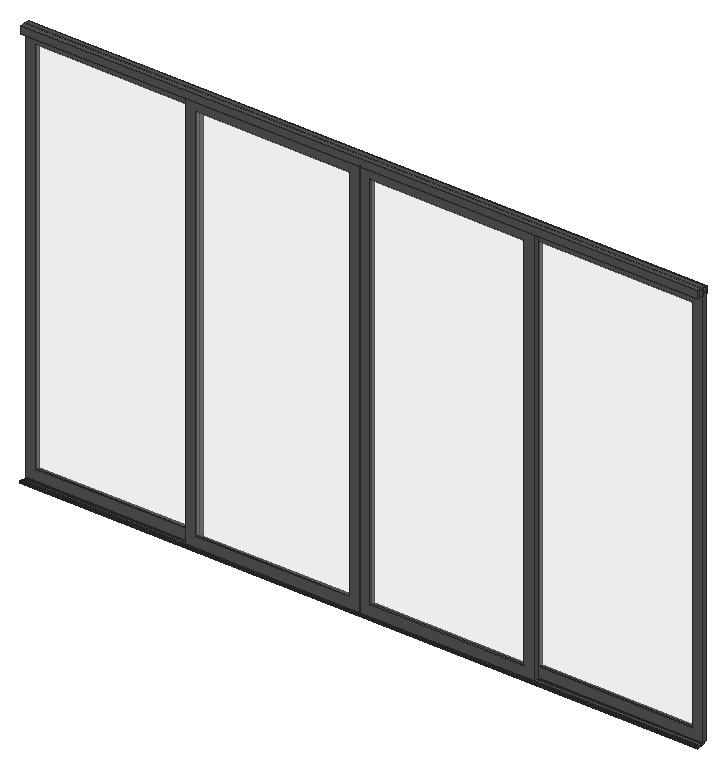
Revit family "Door_FTS RD_The Sliding Door Company_4-Panel Double Track (ABBA-Double Recessed)", category Doors, host Wall, Revit 2019
Family settings
  Host = Wall
  OmniClass Number = 23.30.10.00
  OmniClass Title = Doors
  Always vertical = Yes
  Cut with Voids When Loaded = No
  Shared = No
  Room Calculation Point = No
Parameters (values of type "FTS Room Divider - 4 Panel 2 Track - ABBA")
  Upper Track Material [instance] = TSDC - Casing/Upper Track - Powder Coated Black
  URL = "https://www.slidingdoorco.com"
  Thickness = 1 1/4"  # constant formula
  Stile and Rail = 3"
  Rough Width = Finished Opening Width + 5/8" * 2  # 204 1/4"
  Rough Height = Finished Opening Height + 5/8"  # 120 1/8"
  Panel Width 3" Frame = Width / 4 + 1 1/2"  # 52"
  Panel Width 1 1/2" Frame = Width / 4 + 3/4"  # 51 1/4"
  Panel Height = Height - 2 1/4"  # 119 3/4"
  Order Height = Finished Opening Height + 2 1/8" + 3/8"  # 122"
  Opening Clearance 3" Frame = Width - [Panel Width 3" Frame] * 2  # 98"
  Opening Clearance 1 1/2" Frame = Width - [Panel Width 1 1/2" Frame] * 2  # 99 1/2"
  Open [instance] = no
  Model = "FTS Room Divider - Full Height System"  # constant formula
  Manufacturer = "The Sliding Door Company"  # constant formula
  Limitations = "Panel Width x System Height cannot exceed 7,400 square inches"  # constant formula
  Glass Thickness = "Available in: 5mm Tempered, 7mm,10mm,11mm Laminated Glass"  # constant formula
  Glass Material [instance] = TSDC - Glass - Clear
  Function = Interior
  Height = if(Order Height > 122", 122", Order Height)  # 122"
  Wall Closure = By host
  Width = if(Finished Opening Width > 202", 202", Finished Opening Width)  # 202"
  Fire Rating = "N/A"  # constant formula
  Finished Opening Width = 203"
  Finished Opening Height = 119 1/2"
  Door Casing Material [instance] = TSDC - Casing/Upper Track - Powder Coated Black
  Description = "4 Panel Bi-part System with Double Track (Double Recessed)"  # constant formula
  Contact The Sliding Door Company = "https://www.slidingdoorco.com/contact"
  Construction Type = "Bi-part, Top Mounted, Recessed Upper, Ramped Bottom Track"  # constant formula
  Configuration = "ABBA Configuration"  # constant formula
  Closed [instance] = not(Open)  # yes
  Bottom Track Material [instance] = TSDC - Bottom Track - Powder Coated Black
  Analytic Construction = "<None>"
  3" Frame (No Support Dividers) = "Max. H=122 in., Max. W=202 in. (52 in. panel width)"  # constant formula
  1 1/2" Frame (No Support Dividers) = "Max. H=108 in., Max. W=190 in. (50 in. panel width)"  # constant formula
Reference planes (in)
  plane 1 "Center (Front/Back)": y = 0
  plane 2 "Center (Left/Right)": x = 0
  plane 3 "Top": z = 121.625
  plane 4 "Exterior": y = 3
  plane 5 "Interior": y = -3
  plane 6: x = -101
  plane 7: x = 101
  plane 8: z = 0.625
  plane 9 "2": z = 120
  plane 10 "Top": z = 96
  plane 11 "2": z = 94.375
  plane 12 "3": z = 95.25
  plane 13 "Top": z = 96
  plane 14 "2": z = 94.375
  plane 15 "3": z = 95.25
  plane 16 "Top": z = 80
  plane 17: x = -50
  plane 18: x = 50
  plane 19 "2": z = 78.375
  plane 20 "3": z = 79.25
  plane 21: x = -50.5
  plane 22: x = 50.5
  plane 23: x = -36.75
  plane 24: x = -38.25
  plane 25: x = 38.25
  plane 26: x = 36
  plane 27: z = 119.5
  plane 28: z = -0.375
  plane 29: z = 0.25
Forms (in)
  Extrusion 1, solid, material "TSDC - Casing/Upper Track - Powder Coated Black" <- "Upper Track Material"
    sketch origin (0, -0.1543, 0) x (0, 1, 0) y (0, 0, 1)
      loop
        line (1.74219, 121.625) -> (-1.43359, 121.625) -> (-1.43359, 119.5) -> (-1.375, 119.5) -> (-1.375, 121.56641) -> (0.125, 121.56641) -> (0.125, 119.5) -> (0.18359, 119.5) -> (0.18359, 121.56641) -> (1.68359, 121.56641) -> (1.68359, 119.5) -> (1.74219, 119.5) -> (1.74219, 121.625)
    from -101 to 101
  Extrusion 2, solid, material "TSDC - Casing/Upper Track - Powder Coated Black", not visible
    sketch origin (0, 0.8784, 0.00198) x (0, 1, 0) y (0, 0, 1)
      loop
        line (1.17662, -0.00198) -> (1.7466, -0.00198) -> (1.7466, 0.11422) -> (1.63872, 0.16601) -> (1.5898, 0.16) -> (1.58595, 0.19134) -> (1.49638, 0.23434) -> (1.44746, 0.22833) -> (1.44362, 0.25967) -> (1.35493, 0.30224) -> (1.30601, 0.29623) -> (1.30216, 0.32757) -> (1.21825, 0.36785)
        arc (1.21825, 0.36785) -> (1.19583, 0.37043) -> (1.17662, 0.35859) r 0.03449
        line (1.17662, 0.35859) -> (1.17662, 0.26961) -> (1.14379, 0.26961) -> (1.14379, 0.30227) -> (1.11271, 0.30227) -> (1.11271, 0.05752) -> (1.14379, 0.05752) -> (1.14379, 0.08934) -> (1.17662, 0.08934) -> (1.17662, -0.00198)
      loop
        line (1.6966, 0.05) -> (1.6966, 0.08276) -> (1.2346, 0.30454) -> (1.2346, 0.05) -> (1.6966, 0.05)
    from -50 to 50
  Extrusion 3, solid, material "TSDC - Casing/Upper Track - Powder Coated Black", not visible
    sketch origin (0, 0.8784, 0.00198) x (0, 1, 0) y (0, 0, 1)
      loop
        arc (1.17662, 0.34104) -> (1.17081, 0.35508) -> (1.15677, 0.36093) r 0.01985
        line (1.15677, 0.36093) -> (1.07541, 0.36093)
        arc (1.07541, 0.36093) -> (1.06136, 0.3551) -> (1.05556, 0.34103) r 0.01985
        line (1.05556, 0.34103) -> (1.05556, 0.20299) -> (0.9831, 0.20299) -> (0.9831, 0.28602)
        arc (0.9831, 0.28602) -> (0.87384, 0.39506) -> (0.76472, 0.28588) r 0.10919
        line (0.76472, 0.28588) -> (0.82428, 0.28588)
        arc (0.82428, 0.28588) -> (0.87397, 0.3355) -> (0.92354, 0.28575) r 0.04963
        line (0.92354, 0.28575) -> (0.92354, 0.14753) -> (1.05556, 0.10767) -> (1.05556, 0.05757) -> (0.38753, 0.05757) -> (0.38753, 0.36093) -> (-0.56932, 0.36093) -> (-0.56932, 0.20299) -> (-0.64178, 0.20299) -> (-0.64178, 0.28602)
        arc (-0.64178, 0.28602) -> (-0.75104, 0.39506) -> (-0.86016, 0.28588) r 0.10919
        line (-0.86016, 0.28588) -> (-0.8006, 0.28588)
        arc (-0.8006, 0.28588) -> (-0.75091, 0.3355) -> (-0.70134, 0.28575) r 0.04963
        line (-0.70134, 0.28575) -> (-0.70134, 0.14753) -> (-0.56932, 0.10767) -> (-0.56932, 0.05757) -> (-1.23735, 0.05757) -> (-1.23735, 0.36093) -> (-2.19421, 0.36093) -> (-2.19421, 0.20299) -> (-2.26667, 0.20299) -> (-2.26667, 0.28602)
        arc (-2.26667, 0.28602) -> (-2.37592, 0.39506) -> (-2.48504, 0.28588) r 0.10919
        line (-2.48504, 0.28588) -> (-2.42548, 0.28588)
        arc (-2.42548, 0.28588) -> (-2.37579, 0.3355) -> (-2.32622, 0.28575) r 0.04963
        line (-2.32622, 0.28575) -> (-2.32622, 0.14753) -> (-2.19421, 0.10767) -> (-2.19421, 0.05757) -> (-2.86223, 0.05757) -> (-2.86223, 0.34103)
        arc (-2.86223, 0.34103) -> (-2.86803, 0.3551) -> (-2.88208, 0.36093) r 0.01985
        line (-2.88208, 0.36093) -> (-2.96344, 0.36093)
        arc (-2.96344, 0.36093) -> (-2.97751, 0.35509) -> (-2.9833, 0.341) r 0.01985
        line (-2.9833, 0.341) -> (-2.9833, 0.26961) -> (-2.95059, 0.26961) -> (-2.95059, 0.30227) -> (-2.91939, 0.30227) -> (-2.91939, 0.05752) -> (-2.95046, 0.05752) -> (-2.95046, 0.08934) -> (-2.9833, 0.08934) -> (-2.9833, -0.00198) -> (-2.13705, -0.00198) -> (-2.10598, 0.05752) -> (-2.13705, 0.05752) -> (-2.13705, 0.30227) -> (-1.29451, 0.30227) -> (-1.29451, 0.05752) -> (-1.32558, 0.05752) -> (-1.29451, -0.00198) -> (-0.51217, -0.00198) -> (-0.4811, 0.05752) -> (-0.51217, 0.05752) -> (-0.51217, 0.30227) -> (0.33038, 0.30227) -> (0.33038, 0.05752) -> (0.2993, 0.05752) -> (0.33038, -0.00198) -> (1.17662, -0.00198) -> (1.17662, 0.08934) -> (1.14379, 0.08934) -> (1.14379, 0.05752) -> (1.11271, 0.05752) -> (1.11271, 0.30227) -> (1.14379, 0.30227) -> (1.14379, 0.26961) -> (1.17662, 0.26961) -> (1.17662, 0.34104)
    from -50 to 50
  Extrusion 4, solid, material "TSDC - Casing/Upper Track - Powder Coated Black", not visible
    sketch origin (0, -0.92827, 0.00198) x (0, -1, 0) y (0, 0, -1)
      loop
        line (1.17662, 0.00198) -> (1.17662, -0.08934) -> (1.14379, -0.08934) -> (1.14379, -0.05752) -> (1.11271, -0.05752) -> (1.11271, -0.30227) -> (1.14379, -0.30227) -> (1.14379, -0.26961) -> (1.17662, -0.26961) -> (1.17662, -0.35859)
        arc (1.17662, -0.35859) -> (1.19583, -0.37043) -> (1.21825, -0.36785) r 0.03449
        line (1.21825, -0.36785) -> (1.30216, -0.32757) -> (1.30601, -0.29623) -> (1.35493, -0.30224) -> (1.44362, -0.25967) -> (1.44746, -0.22833) -> (1.49638, -0.23434) -> (1.58595, -0.19134) -> (1.5898, -0.16) -> (1.63872, -0.16601) -> (1.7466, -0.11422) -> (1.7466, 0.00198) -> (1.17662, 0.00198)
      loop
        line (1.6966, -0.05) -> (1.2346, -0.05) -> (1.2346, -0.30454) -> (1.6966, -0.08276) -> (1.6966, -0.05)
    from -50 to 50
  Extrusion 5, solid, material "TSDC - Casing/Upper Track - Powder Coated Black", not visible
    sketch origin (0, 1.25781, 0) x (0, 1, 0) y (0, 0, 1)
      loop
        line (1.74219, 96) -> (-2.99219, 96) -> (-2.99219, 93.875) -> (-2.93359, 93.875) -> (-2.93359, 95.94141) -> (-1.43359, 95.94141) -> (-1.43359, 93.875) -> (-1.375, 93.875) -> (-1.375, 95.94141) -> (0.125, 95.94141) -> (0.125, 93.875) -> (0.18359, 93.875) -> (0.18359, 95.94141) -> (1.68359, 95.94141) -> (1.68359, 93.875) -> (1.74219, 93.875) -> (1.74219, 96)
    from -50 to 50
  Extrusion 6, solid, material "TSDC - Casing/Upper Track - Powder Coated Black", visible <- "Open", not visible
    sketch origin (-18.0008, 2.81641, 0) x (1, 0, 0) y (0, 0, 1)
      loop
        line (2.33413, 94.375) -> (-31.9992, 94.375) -> (-31.9992, 0.625) -> (2.33413, 0.625) -> (2.33413, 94.375)
      loop
        line (0.83413, 92.875) -> (-30.4992, 92.875) -> (-30.4992, 2.125) -> (0.83413, 2.125) -> (0.83413, 92.875)
    from 0 to 1.25
  Extrusion 7, solid, material "TSDC - Glass - Clear", visible <- "Open", not visible
    sketch origin (-18.0008, 2.31641, 0) x (1, 0, 0) y (0, 0, 1)
      loop
        line (0.83413, 92.875) -> (-30.4992, 92.875) -> (-30.4992, 2.125) -> (0.83413, 2.125) -> (0.83413, 92.875)
    from 0 to 0.25
  Extrusion 8, solid, material "TSDC - Casing/Upper Track - Powder Coated Black", visible <- "Open", not visible
    sketch origin (-44.66746, 1.25781, 0) x (1, 0, 0) y (0, 0, 1)
      loop
        line (29.0008, 94.375) -> (-5.33254, 94.375) -> (-5.33254, 0.625) -> (29.0008, 0.625) -> (29.0008, 94.375)
      loop
        line (27.5008, 92.875) -> (-3.83254, 92.875) -> (-3.83254, 2.125) -> (27.5008, 2.125) -> (27.5008, 92.875)
    from 0 to 1.25
  Extrusion 9, solid, material "TSDC - Glass - Clear", visible <- "Open", not visible
    sketch origin (-44.66746, 0.75781, 0) x (1, 0, 0) y (0, 0, 1)
      loop
        line (27.5008, 92.875) -> (-3.83254, 92.875) -> (-3.83254, 2.125) -> (27.5008, 2.125) -> (27.5008, 92.875)
    from 0 to 0.25
  Extrusion 10, solid, material "TSDC - Casing/Upper Track - Powder Coated Black", visible <- "Open", not visible
    sketch origin (-71.33413, -0.30078, 0) x (1, 0, 0) y (0, 0, 1)
      loop
        line (55.66746, 94.375) -> (21.33413, 94.375) -> (21.33413, 0.625) -> (55.66746, 0.625) -> (55.66746, 94.375)
      loop
        line (54.16746, 92.875) -> (22.83413, 92.875) -> (22.83413, 2.125) -> (54.16746, 2.125) -> (54.16746, 92.875)
    from 0 to 1.25
  Extrusion 11, solid, material "TSDC - Glass - Clear", visible <- "Open", not visible
    sketch origin (-71.33413, -0.80078, 0) x (1, 0, 0) y (0, 0, 1)
      loop
        line (54.16746, 92.875) -> (22.83413, 92.875) -> (22.83413, 2.125) -> (54.16746, 2.125) -> (54.16746, 92.875)
    from 0 to 0.25
  Extrusion 12, solid, material "TSDC - Casing/Upper Track - Powder Coated Black", visible <- "Closed", not visible
    sketch origin (-11.83413, 1.25781, 0) x (1, 0, 0) y (0, 0, 1)
      loop
        line (29.0008, 94.375) -> (-5.33254, 94.375) -> (-5.33254, 0.625) -> (29.0008, 0.625) -> (29.0008, 94.375)
      loop
        line (27.5008, 92.875) -> (-3.83254, 92.875) -> (-3.83254, 2.125) -> (27.5008, 2.125) -> (27.5008, 92.875)
    from 0 to 1.25
  Extrusion 13, solid, material "TSDC - Glass - Clear", visible <- "Closed", not visible
    sketch origin (-11.83413, 0.75781, 0) x (1, 0, 0) y (0, 0, 1)
      loop
        line (27.5008, 92.875) -> (-3.83254, 92.875) -> (-3.83254, 2.125) -> (27.5008, 2.125) -> (27.5008, 92.875)
    from 0 to 0.25
  Extrusion 14, solid, material "TSDC - Casing/Upper Track - Powder Coated Black", visible <- "Closed", not visible
    sketch origin (47.66587, 2.81641, 0) x (1, 0, 0) y (0, 0, 1)
      loop
        line (2.33413, 94.375) -> (-31.9992, 94.375) -> (-31.9992, 0.625) -> (2.33413, 0.625) -> (2.33413, 94.375)
      loop
        line (0.83413, 92.875) -> (-30.4992, 92.875) -> (-30.4992, 2.125) -> (0.83413, 2.125) -> (0.83413, 92.875)
    from 0 to 1.25
  Extrusion 15, solid, material "TSDC - Glass - Clear", visible <- "Closed", not visible
    sketch origin (47.66587, 2.31641, 0) x (1, 0, 0) y (0, 0, 1)
      loop
        line (0.83413, 92.875) -> (-30.4992, 92.875) -> (-30.4992, 2.125) -> (0.83413, 2.125) -> (0.83413, 92.875)
    from 0 to 0.25
  Extrusion 16, solid, material "TSDC - Casing/Upper Track - Powder Coated Black", visible <- "Closed", not visible
    sketch origin (-71.33413, -0.30078, 0) x (1, 0, 0) y (0, 0, 1)
      loop
        line (55.66746, 94.375) -> (21.33413, 94.375) -> (21.33413, 0.625) -> (55.66746, 0.625) -> (55.66746, 94.375)
      loop
        line (54.16746, 92.875) -> (22.83413, 92.875) -> (22.83413, 2.125) -> (54.16746, 2.125) -> (54.16746, 92.875)
    from 0 to 1.25
  Extrusion 17, solid, material "TSDC - Glass - Clear", visible <- "Closed", not visible
    sketch origin (-71.33413, -0.80078, 0) x (1, 0, 0) y (0, 0, 1)
      loop
        line (54.16746, 92.875) -> (22.83413, 92.875) -> (22.83413, 2.125) -> (54.16746, 2.125) -> (54.16746, 92.875)
    from 0 to 0.25
  Extrusion 18, solid, material "TSDC - Casing/Upper Track - Powder Coated Black", not visible
    sketch origin (0, 1.25781, 0) x (0, 1, 0) y (0, 0, 1)
      loop
        line (1.74219, 96) -> (-2.99219, 96) -> (-2.99219, 93.875) -> (-2.93359, 93.875) -> (-2.93359, 95.94141) -> (-1.43359, 95.94141) -> (-1.43359, 93.875) -> (-1.375, 93.875) -> (-1.375, 95.94141) -> (0.125, 95.94141) -> (0.125, 93.875) -> (0.18359, 93.875) -> (0.18359, 95.94141) -> (1.68359, 95.94141) -> (1.68359, 93.875) -> (1.74219, 93.875) -> (1.74219, 96)
    from -50 to 50
  Extrusion 19, solid, material "TSDC - Casing/Upper Track - Powder Coated Black", not visible
    sketch origin (0, 1.25781, 0) x (0, 1, 0) y (0, 0, 1)
      loop
        line (1.74219, 96) -> (-2.99219, 96) -> (-2.99219, 93.875) -> (-2.93359, 93.875) -> (-2.93359, 95.94141) -> (-1.43359, 95.94141) -> (-1.43359, 93.875) -> (-1.375, 93.875) -> (-1.375, 95.94141) -> (0.125, 95.94141) -> (0.125, 93.875) -> (0.18359, 93.875) -> (0.18359, 95.94141) -> (1.68359, 95.94141) -> (1.68359, 93.875) -> (1.74219, 93.875) -> (1.74219, 96)
    from -50 to 50
  Extrusion 20, solid, material "TSDC - Casing/Upper Track - Powder Coated Black", not visible
    sketch origin (0, 1.25781, 0) x (0, 1, 0) y (0, 0, 1)
      loop
        line (1.74219, 96) -> (-2.99219, 96) -> (-2.99219, 93.875) -> (-2.93359, 93.875) -> (-2.93359, 95.94141) -> (-1.43359, 95.94141) -> (-1.43359, 93.875) -> (-1.375, 93.875) -> (-1.375, 95.94141) -> (0.125, 95.94141) -> (0.125, 93.875) -> (0.18359, 93.875) -> (0.18359, 95.94141) -> (1.68359, 95.94141) -> (1.68359, 93.875) -> (1.74219, 93.875) -> (1.74219, 96)
    from -50 to 50
  Extrusion 21, solid, material "TSDC - Casing/Upper Track - Powder Coated Black", not visible
    sketch origin (0, 0.8784, 0.00198) x (0, 1, 0) y (0, 0, 1)
      loop
        line (1.17662, -0.00198) -> (1.7466, -0.00198) -> (1.7466, 0.11422) -> (1.63872, 0.16601) -> (1.5898, 0.16) -> (1.58595, 0.19134) -> (1.49638, 0.23434) -> (1.44746, 0.22833) -> (1.44362, 0.25967) -> (1.35493, 0.30224) -> (1.30601, 0.29623) -> (1.30216, 0.32757) -> (1.21825, 0.36785)
        arc (1.21825, 0.36785) -> (1.19583, 0.37043) -> (1.17662, 0.35859) r 0.03449
        line (1.17662, 0.35859) -> (1.17662, 0.26961) -> (1.14379, 0.26961) -> (1.14379, 0.30227) -> (1.11271, 0.30227) -> (1.11271, 0.05752) -> (1.14379, 0.05752) -> (1.14379, 0.08934) -> (1.17662, 0.08934) -> (1.17662, -0.00198)
      loop
        line (1.6966, 0.05) -> (1.6966, 0.08276) -> (1.2346, 0.30454) -> (1.2346, 0.05) -> (1.6966, 0.05)
    from -50 to 50
  Extrusion 22, solid, material "TSDC - Casing/Upper Track - Powder Coated Black", not visible
    sketch origin (0, 0.8784, 0.00198) x (0, 1, 0) y (0, 0, 1)
      loop
        arc (1.17662, 0.34104) -> (1.17081, 0.35508) -> (1.15677, 0.36093) r 0.01985
        line (1.15677, 0.36093) -> (1.07541, 0.36093)
        arc (1.07541, 0.36093) -> (1.06136, 0.3551) -> (1.05556, 0.34103) r 0.01985
        line (1.05556, 0.34103) -> (1.05556, 0.20299) -> (0.9831, 0.20299) -> (0.9831, 0.28602)
        arc (0.9831, 0.28602) -> (0.87384, 0.39506) -> (0.76472, 0.28588) r 0.10919
        line (0.76472, 0.28588) -> (0.82428, 0.28588)
        arc (0.82428, 0.28588) -> (0.87397, 0.3355) -> (0.92354, 0.28575) r 0.04963
        line (0.92354, 0.28575) -> (0.92354, 0.14753) -> (1.05556, 0.10767) -> (1.05556, 0.05757) -> (0.38753, 0.05757) -> (0.38753, 0.36093) -> (-0.56932, 0.36093) -> (-0.56932, 0.20299) -> (-0.64178, 0.20299) -> (-0.64178, 0.28602)
        arc (-0.64178, 0.28602) -> (-0.75104, 0.39506) -> (-0.86016, 0.28588) r 0.10919
        line (-0.86016, 0.28588) -> (-0.8006, 0.28588)
        arc (-0.8006, 0.28588) -> (-0.75091, 0.3355) -> (-0.70134, 0.28575) r 0.04963
        line (-0.70134, 0.28575) -> (-0.70134, 0.14753) -> (-0.56932, 0.10767) -> (-0.56932, 0.05757) -> (-1.23735, 0.05757) -> (-1.23735, 0.36093) -> (-2.19421, 0.36093) -> (-2.19421, 0.20299) -> (-2.26667, 0.20299) -> (-2.26667, 0.28602)
        arc (-2.26667, 0.28602) -> (-2.37592, 0.39506) -> (-2.48504, 0.28588) r 0.10919
        line (-2.48504, 0.28588) -> (-2.42548, 0.28588)
        arc (-2.42548, 0.28588) -> (-2.37579, 0.3355) -> (-2.32622, 0.28575) r 0.04963
        line (-2.32622, 0.28575) -> (-2.32622, 0.14753) -> (-2.19421, 0.10767) -> (-2.19421, 0.05757) -> (-2.86223, 0.05757) -> (-2.86223, 0.34103)
        arc (-2.86223, 0.34103) -> (-2.86803, 0.3551) -> (-2.88208, 0.36093) r 0.01985
        line (-2.88208, 0.36093) -> (-2.96344, 0.36093)
        arc (-2.96344, 0.36093) -> (-2.97751, 0.35509) -> (-2.9833, 0.341) r 0.01985
        line (-2.9833, 0.341) -> (-2.9833, 0.26961) -> (-2.95059, 0.26961) -> (-2.95059, 0.30227) -> (-2.91939, 0.30227) -> (-2.91939, 0.05752) -> (-2.95046, 0.05752) -> (-2.95046, 0.08934) -> (-2.9833, 0.08934) -> (-2.9833, -0.00198) -> (-2.13705, -0.00198) -> (-2.10598, 0.05752) -> (-2.13705, 0.05752) -> (-2.13705, 0.30227) -> (-1.29451, 0.30227) -> (-1.29451, 0.05752) -> (-1.32558, 0.05752) -> (-1.29451, -0.00198) -> (-0.51217, -0.00198) -> (-0.4811, 0.05752) -> (-0.51217, 0.05752) -> (-0.51217, 0.30227) -> (0.33038, 0.30227) -> (0.33038, 0.05752) -> (0.2993, 0.05752) -> (0.33038, -0.00198) -> (1.17662, -0.00198) -> (1.17662, 0.08934) -> (1.14379, 0.08934) -> (1.14379, 0.05752) -> (1.11271, 0.05752) -> (1.11271, 0.30227) -> (1.14379, 0.30227) -> (1.14379, 0.26961) -> (1.17662, 0.26961) -> (1.17662, 0.34104)
    from -50 to 50
  Extrusion 23, solid, material "TSDC - Casing/Upper Track - Powder Coated Black", not visible
    sketch origin (0, -0.92827, 0.00198) x (0, -1, 0) y (0, 0, -1)
      loop
        line (1.17662, 0.00198) -> (1.17662, -0.08934) -> (1.14379, -0.08934) -> (1.14379, -0.05752) -> (1.11271, -0.05752) -> (1.11271, -0.30227) -> (1.14379, -0.30227) -> (1.14379, -0.26961) -> (1.17662, -0.26961) -> (1.17662, -0.35859)
        arc (1.17662, -0.35859) -> (1.19583, -0.37043) -> (1.21825, -0.36785) r 0.03449
        line (1.21825, -0.36785) -> (1.30216, -0.32757) -> (1.30601, -0.29623) -> (1.35493, -0.30224) -> (1.44362, -0.25967) -> (1.44746, -0.22833) -> (1.49638, -0.23434) -> (1.58595, -0.19134) -> (1.5898, -0.16) -> (1.63872, -0.16601) -> (1.7466, -0.11422) -> (1.7466, 0.00198) -> (1.17662, 0.00198)
      loop
        line (1.6966, -0.05) -> (1.2346, -0.05) -> (1.2346, -0.30454) -> (1.6966, -0.08276) -> (1.6966, -0.05)
    from -50 to 50
  Extrusion 24, solid, material "TSDC - Casing/Upper Track - Powder Coated Black", not visible
    sketch origin (0, 1.25781, -16) x (0, 1, 0) y (0, 0, 1)
      loop
        line (1.74219, 96) -> (-2.99219, 96) -> (-2.99219, 93.875) -> (-2.93359, 93.875) -> (-2.93359, 95.94141) -> (-1.43359, 95.94141) -> (-1.43359, 93.875) -> (-1.375, 93.875) -> (-1.375, 95.94141) -> (0.125, 95.94141) -> (0.125, 93.875) -> (0.18359, 93.875) -> (0.18359, 95.94141) -> (1.68359, 95.94141) -> (1.68359, 93.875) -> (1.74219, 93.875) -> (1.74219, 96)
    from -50 to 50
  Extrusion 25, solid, material "TSDC - Casing/Upper Track - Powder Coated Black" <- "Door Casing Material", visible <- "Closed"
    sketch origin (-47.66587, -0.1543, 0) x (-1, 0, 0) y (0, 0, -1)
      loop
        line (4.33413, -120) -> (4.33413, -0.25) -> (-47.66587, -0.25) -> (-47.66587, -120) -> (4.33413, -120)
      loop
        line (1.33413, -117) -> (1.33413, -3.25) -> (-44.66587, -3.25) -> (-44.66587, -117) -> (1.33413, -117)
    from 0 to 1.25
  Extrusion 26, solid, material "TSDC - Glass - Clear" <- "Glass Material", visible <- "Closed"
    sketch origin (-47.66587, -0.6543, 0) x (-1, 0, 0) y (0, 0, -1)
      loop
        line (1.33413, -117) -> (1.33413, -3.25) -> (-44.66587, -3.25) -> (-44.66587, -117) -> (1.33413, -117)
    from 0 to 0.25
  Extrusion 27, solid, material "TSDC - Casing/Upper Track - Powder Coated Black" <- "Door Casing Material", visible <- "Closed"
    sketch origin (-83.66587, 1.4043, 0) x (-1, 0, 0) y (0, 0, -1)
      loop
        line (17.33413, -120) -> (17.33413, -0.25) -> (-34.66587, -0.25) -> (-34.66587, -120) -> (17.33413, -120)
      loop
        line (14.33413, -117) -> (14.33413, -3.25) -> (-31.66587, -3.25) -> (-31.66587, -117) -> (14.33413, -117)
    from 0 to 1.25
  Extrusion 28, solid, material "TSDC - Glass - Clear" <- "Glass Material", visible <- "Closed"
    sketch origin (-83.66587, 0.9043, 0) x (-1, 0, 0) y (0, 0, -1)
      loop
        line (14.33413, -117) -> (14.33413, -3.25) -> (-31.66587, -3.25) -> (-31.66587, -117) -> (14.33413, -117)
    from 0 to 0.25
  Extrusion 29, solid, material "TSDC - Casing/Upper Track - Powder Coated Black" <- "Door Casing Material", visible <- "Closed"
    sketch origin (47.66587, -0.1543, 0) x (1, 0, 0) y (0, 0, 1)
      loop
        line (4.33413, 120) -> (-47.66587, 120) -> (-47.66587, 0.25) -> (4.33413, 0.25) -> (4.33413, 120)
      loop
        line (1.33413, 117) -> (-44.66587, 117) -> (-44.66587, 3.25) -> (1.33413, 3.25) -> (1.33413, 117)
    from 0 to 1.25
  Extrusion 30, solid, material "TSDC - Glass - Clear" <- "Glass Material", visible <- "Closed"
    sketch origin (47.66587, -0.6543, 0) x (1, 0, 0) y (0, 0, 1)
      loop
        line (1.33413, 117) -> (-44.66587, 117) -> (-44.66587, 3.25) -> (1.33413, 3.25) -> (1.33413, 117)
    from 0 to 0.25
  Extrusion 31, solid, material "TSDC - Casing/Upper Track - Powder Coated Black" <- "Door Casing Material", visible <- "Closed"
    sketch origin (83.66587, 1.4043, 0) x (1, 0, 0) y (0, 0, 1)
      loop
        line (17.33413, 120) -> (-34.66587, 120) -> (-34.66587, 0.25) -> (17.33413, 0.25) -> (17.33413, 120)
      loop
        line (14.33413, 117) -> (-31.66587, 117) -> (-31.66587, 3.25) -> (14.33413, 3.25) -> (14.33413, 117)
    from 0 to 1.25
  Extrusion 32, solid, material "TSDC - Glass - Clear" <- "Glass Material", visible <- "Closed"
    sketch origin (83.66587, 0.9043, 0) x (1, 0, 0) y (0, 0, 1)
      loop
        line (14.33413, 117) -> (-31.66587, 117) -> (-31.66587, 3.25) -> (14.33413, 3.25) -> (14.33413, 117)
    from 0 to 0.25
  Extrusion 33, solid, material "TSDC - Casing/Upper Track - Powder Coated Black" <- "Door Casing Material", visible <- "Open"
    sketch origin (-83.66587, 1.4043, 0) x (-1, 0, 0) y (0, 0, -1)
      loop
        line (17.33413, -120) -> (17.33413, -0.25) -> (-34.66587, -0.25) -> (-34.66587, -120) -> (17.33413, -120)
      loop
        line (14.33413, -117) -> (14.33413, -3.25) -> (-31.66587, -3.25) -> (-31.66587, -117) -> (14.33413, -117)
    from 0 to 1.25
  Extrusion 34, solid, material "TSDC - Glass - Clear" <- "Glass Material", visible <- "Open"
    sketch origin (-83.66587, 0.9043, 0) x (-1, 0, 0) y (0, 0, -1)
      loop
        line (14.33413, -117) -> (14.33413, -3.25) -> (-31.66587, -3.25) -> (-31.66587, -117) -> (14.33413, -117)
    from 0 to 0.25
  Extrusion 35, solid, material "TSDC - Casing/Upper Track - Powder Coated Black" <- "Door Casing Material", visible <- "Open"
    sketch origin (-83.66587, -0.1543, 0) x (-1, 0, 0) y (0, 0, -1)
      loop
        line (17.33413, -120) -> (17.33413, -0.25) -> (-34.66587, -0.25) -> (-34.66587, -120) -> (17.33413, -120)
      loop
        line (14.33413, -117) -> (14.33413, -3.25) -> (-31.66587, -3.25) -> (-31.66587, -117) -> (14.33413, -117)
    from 0 to 1.25
  Extrusion 36, solid, material "TSDC - Glass - Clear" <- "Glass Material", visible <- "Open"
    sketch origin (-83.66587, -0.6543, 0) x (-1, 0, 0) y (0, 0, -1)
      loop
        line (14.33413, -117) -> (14.33413, -3.25) -> (-31.66587, -3.25) -> (-31.66587, -117) -> (14.33413, -117)
    from 0 to 0.25
  Extrusion 37, solid, material "TSDC - Casing/Upper Track - Powder Coated Black" <- "Door Casing Material", visible <- "Open"
    sketch origin (83.66587, -0.1543, 0) x (1, 0, 0) y (0, 0, 1)
      loop
        line (17.33413, 120) -> (-34.66587, 120) -> (-34.66587, 0.25) -> (17.33413, 0.25) -> (17.33413, 120)
      loop
        line (14.33413, 117) -> (-31.66587, 117) -> (-31.66587, 3.25) -> (14.33413, 3.25) -> (14.33413, 117)
    from 0 to 1.25
  Extrusion 38, solid, material "TSDC - Glass - Clear" <- "Glass Material", visible <- "Open"
    sketch origin (83.66587, -0.6543, 0) x (1, 0, 0) y (0, 0, 1)
      loop
        line (14.33413, 117) -> (-31.66587, 117) -> (-31.66587, 3.25) -> (14.33413, 3.25) -> (14.33413, 117)
    from 0 to 0.25
  Extrusion 39, solid, material "TSDC - Casing/Upper Track - Powder Coated Black" <- "Door Casing Material", visible <- "Open"
    sketch origin (83.66587, 1.4043, 0) x (1, 0, 0) y (0, 0, 1)
      loop
        line (17.33413, 120) -> (-34.66587, 120) -> (-34.66587, 0.25) -> (17.33413, 0.25) -> (17.33413, 120)
      loop
        line (14.33413, 117) -> (-31.66587, 117) -> (-31.66587, 3.25) -> (14.33413, 3.25) -> (14.33413, 117)
    from 0 to 1.25
  Extrusion 40, solid, material "TSDC - Glass - Clear" <- "Glass Material", visible <- "Open"
    sketch origin (83.66587, 0.9043, 0) x (1, 0, 0) y (0, 0, 1)
      loop
        line (14.33413, 117) -> (-31.66587, 117) -> (-31.66587, 3.25) -> (14.33413, 3.25) -> (14.33413, 117)
    from 0 to 0.25
  Extrusion 41, solid, material "TSDC - Bottom Track - Powder Coated Black" <- "Bottom Track Material"
    sketch origin (0, 2.46629, -0.37302) x (0, 1, 0) y (0, 0, 1)
      loop
        line (-1.82338, 0.26961) -> (-1.82338, 0.34104)
        arc (-1.82338, 0.34104) -> (-1.82919, 0.35508) -> (-1.84323, 0.36089) r 0.01985
        line (-1.84323, 0.36089) -> (-1.92459, 0.36093)
        arc (-1.92459, 0.36093) -> (-1.93864, 0.3551) -> (-1.94444, 0.34103) r 0.01985
        line (-1.94444, 0.34103) -> (-1.94444, 0.20299) -> (-2.0169, 0.20299) -> (-2.0169, 0.28602)
        arc (-2.0169, 0.28602) -> (-2.12616, 0.39506) -> (-2.23528, 0.28588) r 0.10919
        line (-2.23528, 0.28588) -> (-2.17572, 0.28588)
        arc (-2.17572, 0.28588) -> (-2.12603, 0.3355) -> (-2.07646, 0.28575) r 0.04963
        line (-2.07646, 0.28575) -> (-2.07646, 0.14753) -> (-1.94444, 0.10767) -> (-1.94444, 0.05757) -> (-2.61247, 0.05757) -> (-2.61247, 0.36093) -> (-3.56932, 0.36093) -> (-3.56932, 0.20299) -> (-3.64178, 0.20299) -> (-3.64178, 0.28602)
        arc (-3.64178, 0.28602) -> (-3.75104, 0.39506) -> (-3.86016, 0.28588) r 0.10919
        line (-3.86016, 0.28588) -> (-3.8006, 0.28588)
        arc (-3.8006, 0.28588) -> (-3.75091, 0.3355) -> (-3.70134, 0.28575) r 0.04963
        line (-3.70134, 0.28575) -> (-3.70134, 0.14753) -> (-3.56932, 0.10767) -> (-3.56932, 0.05757) -> (-4.23735, 0.05757) -> (-4.23735, 0.34103)
        arc (-4.23735, 0.34103) -> (-4.24315, 0.3551) -> (-4.2572, 0.36093) r 0.01985
        line (-4.2572, 0.36093) -> (-4.33856, 0.36093)
        arc (-4.33856, 0.36093) -> (-4.35263, 0.35509) -> (-4.35841, 0.341) r 0.01985
        line (-4.35841, 0.341) -> (-4.35841, 0.26961) -> (-4.32571, 0.26961) -> (-4.32571, 0.30227) -> (-4.29451, 0.30227) -> (-4.29451, 0.05752) -> (-4.32558, 0.05752) -> (-4.32558, 0.08934) -> (-4.35841, 0.08934) -> (-4.35841, -0.00198) -> (-3.51217, -0.00198) -> (-3.4811, 0.05752) -> (-3.51217, 0.05752) -> (-3.51217, 0.30227) -> (-2.66962, 0.30227) -> (-2.66962, 0.05752) -> (-2.7007, 0.05752) -> (-2.66962, -0.00198) -> (-1.82338, -0.00198) -> (-1.82338, 0.08934) -> (-1.85621, 0.08934) -> (-1.85621, 0.05752) -> (-1.88729, 0.05752) -> (-1.88729, 0.30227) -> (-1.85621, 0.30227) -> (-1.85621, 0.26961) -> (-1.82338, 0.26961)
    from -101 to 101
Lines and regions (in)
  Opening 1
    outline origin (-60, -3, 0) x (1, 0, 0) y (0, 0, 1)
      loop
        line (161, 0) -> (161, 119.5) -> (-41, 119.5) -> (-41, 0) -> (161, 0)
Text (in)
  text "Exterior" at (-165.54235, 27.31104, 0), in view "Ref. Level"
  text "Interior" at (-165.54235, -25.14366, 0), in view "Ref. Level"
  text "Exterior" at (0, 40.15149, 123.01588), in view "Right"
  text "Interior" at (0, -64.39139, 123.01588), in view "Right"
  text "Interior" at (0, -31.01599, 123.00693), in view "Left"
  text "Exterior" at (0, 54.57065, 123.00693), in view "Left"
Dimensions and locks (in)
  locked: plane 9 "2" to plane 3 "Top" at 1.625
  "Height": plane 28 to plane 3 "Top"
  "Width": plane 6 to plane 7
  "Stile and Rail": Extrusion 25 to Extrusion 25  (x5)
  equal spacing: plane 6, plane 21, plane 2 "Center (Left/Right)", plane 22, plane 7
  "Stile and Rail": Extrusion 27 to Extrusion 27  (x4)
  equal spacing: Extrusion 27, plane 21, Extrusion 27
  equal spacing: Extrusion 25, plane 21, Extrusion 25
  plane 6 to Extrusion 27 = 52"
  Extrusion 25 to Extrusion 25 = 52"
  "Stile and Rail": Extrusion 29 to Extrusion 29  (x5)
  "Stile and Rail": Extrusion 31 to Extrusion 31  (x4)
  plane 2 "Center (Left/Right)" to Extrusion 29 = 52"
  Extrusion 31 to Extrusion 31 = 52"
  equal spacing: Extrusion 31, plane 22, Extrusion 31
  equal spacing: Extrusion 29, plane 22, Extrusion 29
  "Stile and Rail": Extrusion 33 to Extrusion 33  (x4)
  "Stile and Rail": Extrusion 35 to Extrusion 35  (x4)
  "Stile and Rail": Extrusion 37 to Extrusion 37  (x5)
  "Stile and Rail": Extrusion 39 to Extrusion 39  (x2)
  Extrusion 1 to Extrusion 1 to Extrusion 1 to host wall to Extrusion 1 to Extrusion 1 to Extrusion 1 = 15/256" locked, 1 1/2" locked, 0.0293" locked, 0.0293" locked, 1 1/2" locked, 15/256" locked
  locked: plane 27 to plane 3 "Top" at 2.125
  plane 28 to level = 3/8"
  level to Extrusion 1 = 119 1/2"
  Extrusion 41 to plane 1 "Center (Front/Back)" to Extrusion 41 = 0.64292" locked, 1.89212" locked
  aligned and locked: plane 4 "Exterior" to host wall
  aligned and locked: host wall to plane 5 "Interior"
  aligned and locked: Extrusion 1 to plane 6
  aligned and locked: plane 7 to Extrusion 1
  aligned and locked: Opening 1 sketch curve to Extrusion 1
  aligned and locked: Extrusion 25 to Extrusion 26  (x4)
  aligned and locked: Extrusion 27 to Extrusion 28  (x4)
  aligned and locked: Extrusion 30 to Extrusion 29  (x4)
  aligned and locked: Extrusion 32 to Extrusion 31  (x4)
  aligned and locked: Extrusion 33 to Extrusion 34  (x4)
  aligned and locked: Extrusion 25 to Extrusion 33
  aligned and locked: Extrusion 35 to Extrusion 36  (x4)
  aligned and locked: Extrusion 35 to Extrusion 25
  aligned and locked: Extrusion 38 to Extrusion 37  (x4)
  aligned and locked: Extrusion 37 to Extrusion 29
  aligned and locked: Extrusion 40 to Extrusion 39  (x4)
  aligned and locked: Extrusion 39 to Extrusion 37
  aligned and locked: host wall to Extrusion 41  (x2)
  aligned and locked: Extrusion 41 to plane 6
  aligned and locked: plane 27 to Opening 1 sketch curve
  aligned and locked: Extrusion 35 to plane 29
  aligned and locked: Extrusion 25 to Extrusion 35
  aligned and locked: Extrusion 29 to Extrusion 25
  aligned and locked: Extrusion 37 to Extrusion 25
  aligned and locked: Extrusion 33 to Extrusion 25
  aligned and locked: Extrusion 27 to Extrusion 25
  aligned and locked: Extrusion 39 to Extrusion 25
  aligned and locked: Extrusion 31 to Extrusion 25
  aligned and locked: Extrusion 25 to Extrusion 39
Automatic sketch dimensions
  Extrusion 2 sketch curve to Extrusion 2 sketch curve = 0.03107"  (x2)
  Extrusion 2 sketch curve to Extrusion 2 sketch curve = 0.03284"  (x2)
  Extrusion 2 sketch curve to Extrusion 2 sketch curve = 0.0267"
  Extrusion 2 sketch curve to Extrusion 2 sketch curve = 0.01493"
  Extrusion 2 sketch curve to Extrusion 2 sketch curve = 0.05797"
  Extrusion 2 sketch curve to Extrusion 2 sketch curve = 0.06757"
  Extrusion 2 sketch curve to Extrusion 2 sketch curve = 0.00385"  (x3)
  Extrusion 2 sketch curve to Extrusion 2 sketch curve = 0.04892"  (x3)
  Extrusion 2 sketch curve to Extrusion 2 sketch curve = 0.08869"
  Extrusion 2 sketch curve to Extrusion 2 sketch curve = 0.08957"
  Extrusion 2 sketch curve to Extrusion 2 sketch curve = 0.05788"
  Extrusion 2 sketch curve to Extrusion 2 sketch curve = 0.05"
  Extrusion 2 sketch curve to Extrusion 2 sketch curve = 0.03276"
  Extrusion 2 sketch curve to Extrusion 2 sketch curve = 0.03182"
  Extrusion 2 sketch curve to Extrusion 2 sketch curve = 0.03146"
  Extrusion 2 sketch curve to Extrusion 2 sketch curve = 0.00601"  (x3)
  Extrusion 2 sketch curve to Extrusion 2 sketch curve = 0.09824"
  Extrusion 2 sketch curve to Extrusion 2 sketch curve = 0.03266"
  Extrusion 2 sketch curve to Extrusion 2 sketch curve = 0.06331"
  Extrusion 2 sketch curve to Extrusion 2 sketch curve = 0.03109"
  Extrusion 3 sketch curve to Extrusion 3 sketch curve = 0"  (x25)
  Extrusion 3 sketch curve to Extrusion 3 sketch curve = 0.01985"  (x3)
  Extrusion 3 sketch curve to Extrusion 3 sketch curve = 0.03271"
  Extrusion 3 sketch curve to Extrusion 3 sketch curve = 0.03284"  (x3)
  Extrusion 3 sketch curve to Extrusion 3 sketch curve = 0.03107"  (x9)
  Extrusion 3 sketch curve to Extrusion 3 sketch curve = 0.0373"
  Extrusion 3 sketch curve to Extrusion 3 sketch curve = 0.37719"  (x3)
  Extrusion 3 sketch curve to Extrusion 3 sketch curve = 0.05956"  (x6)
  Extrusion 3 sketch curve to Extrusion 3 sketch curve = 0.04963"  (x6)
  Extrusion 3 sketch curve to Extrusion 3 sketch curve = 0.07246"  (x4)
  Extrusion 3 sketch curve to Extrusion 3 sketch curve = 0.05716"  (x5)
  Extrusion 3 sketch curve to Extrusion 3 sketch curve = 0.7804"  (x2)
  Extrusion 3 sketch curve to Extrusion 3 sketch curve = 0.01299"
  Extrusion 3 sketch curve to Extrusion 3 sketch curve = 0.00005"  (x5)
  Extrusion 3 sketch curve to Extrusion 3 sketch curve = 0.03182"  (x2)
  Extrusion 3 sketch curve to Extrusion 3 sketch curve = 0.0501"  (x3)
  Extrusion 3 sketch curve to Extrusion 3 sketch curve = 0.03986"  (x2)
  Extrusion 3 sketch curve to Extrusion 3 sketch curve = 0.09532"  (x2)
  Extrusion 3 sketch curve to Extrusion 3 sketch curve = 0.05547"  (x2)
  Extrusion 3 sketch curve to Extrusion 3 sketch curve = 0.06662"
  Extrusion 3 sketch curve to Extrusion 3 sketch curve = 0.08276"  (x3)
  Extrusion 3 sketch curve to Extrusion 3 sketch curve = 0.00012"  (x3)
  Extrusion 3 sketch curve to Extrusion 3 sketch curve = 0.03266"  (x2)
  Extrusion 3 sketch curve to Extrusion 3 sketch curve = 0.24475"
  Extrusion 3 sketch curve to Extrusion 3 sketch curve = 0.09928"
  Extrusion 3 sketch curve to Extrusion 3 sketch curve = 0.03873"
  Extrusion 3 sketch curve to Extrusion 3 sketch curve = 0.03876"  (x2)
  Extrusion 3 sketch curve to Extrusion 3 sketch curve = 0.03877"
  Extrusion 3 sketch curve to Extrusion 3 sketch curve = 0.00007"
  Extrusion 3 sketch curve to Extrusion 3 sketch curve = 0.05866"  (x2)
  Extrusion 4 sketch curve to Extrusion 4 sketch curve = 0.03107"  (x2)
  Extrusion 4 sketch curve to Extrusion 4 sketch curve = 0.03284"  (x2)
  Extrusion 4 sketch curve to Extrusion 4 sketch curve = 0.0267"
  Extrusion 4 sketch curve to Extrusion 4 sketch curve = 0.01493"
  Extrusion 4 sketch curve to Extrusion 4 sketch curve = 0.05797"
  Extrusion 4 sketch curve to Extrusion 4 sketch curve = 0.06757"
  Extrusion 4 sketch curve to Extrusion 4 sketch curve = 0.00385"  (x3)
  Extrusion 4 sketch curve to Extrusion 4 sketch curve = 0.04892"  (x3)
  Extrusion 4 sketch curve to Extrusion 4 sketch curve = 0.08869"
  Extrusion 4 sketch curve to Extrusion 4 sketch curve = 0.08957"
  Extrusion 4 sketch curve to Extrusion 4 sketch curve = 0.05788"
  Extrusion 4 sketch curve to Extrusion 4 sketch curve = 0.05"
  Extrusion 4 sketch curve to Extrusion 4 sketch curve = 0.00926"
  Extrusion 4 sketch curve to Extrusion 4 sketch curve = 0.03134"  (x3)
  Extrusion 4 sketch curve to Extrusion 4 sketch curve = 0.03222"
  Extrusion 4 sketch curve to Extrusion 4 sketch curve = 0.05632"
  Extrusion 4 sketch curve to Extrusion 4 sketch curve = 0.03266"
  Extrusion 4 sketch curve to Extrusion 4 sketch curve = 0.06422"
  Extrusion 4 sketch curve to Extrusion 4 sketch curve = 0.03182"
  Extrusion 4 sketch curve to Extrusion 4 sketch curve = 0.03276"
  Extrusion 2 sketch curve to Extrusion 2 sketch curve = 0.05198"
  Extrusion 2 sketch curve to Extrusion 2 sketch curve = 0.05951"
  Extrusion 2 sketch curve to Extrusion 2 sketch curve = 0.07724"
  Extrusion 2 sketch curve to Extrusion 2 sketch curve = 0.03699"
  Extrusion 2 sketch curve to Extrusion 2 sketch curve = 0.18027"
  Extrusion 2 sketch curve to Extrusion 2 sketch curve = 0.00831"
  Extrusion 3 sketch curve to Extrusion 3 sketch curve = 0.05951"  (x6)
  Extrusion 3 sketch curve to Extrusion 3 sketch curve = 0.18027"
  Extrusion 4 sketch curve to Extrusion 4 sketch curve = 0.02303"
  Extrusion 4 sketch curve to Extrusion 4 sketch curve = 0.04257"
  Extrusion 4 sketch curve to Extrusion 4 sketch curve = 0.043"
  Extrusion 4 sketch curve to Extrusion 4 sketch curve = 0.05179"
  Extrusion 4 sketch curve to Extrusion 4 sketch curve = 0.03934"
  Extrusion 4 sketch curve to Extrusion 4 sketch curve = 0.05198"
  Extrusion 5 sketch curve to Extrusion 5 sketch curve = 15/256"  (x5)
  Extrusion 5 sketch curve to Extrusion 5 sketch curve = 0"  (x5)
  Extrusion 5 sketch curve to Extrusion 5 sketch curve = 1 1/2"  (x3)
  Extrusion 5 sketch curve to Extrusion 5 sketch curve = 2 17/256"
  Extrusion 6 sketch curve to Extrusion 6 sketch curve = 1 1/2"  (x4)
  Extrusion 6 sketch curve to Extrusion 6 sketch curve = 31.33333"
  Extrusion 6 sketch curve to Extrusion 6 sketch curve = 90 3/4"
  Extrusion 7 sketch curve to Extrusion 7 sketch curve = 31.33333"
  Extrusion 7 sketch curve to Extrusion 7 sketch curve = 90 3/4"
  Extrusion 8 sketch curve to Extrusion 8 sketch curve = 1 1/2"  (x4)
  Extrusion 8 sketch curve to Extrusion 8 sketch curve = 31.33333"
  Extrusion 8 sketch curve to Extrusion 8 sketch curve = 90 3/4"
  Extrusion 9 sketch curve to Extrusion 9 sketch curve = 31.33333"
  Extrusion 9 sketch curve to Extrusion 9 sketch curve = 90 3/4"
  Extrusion 10 sketch curve to Extrusion 10 sketch curve = 1 1/2"  (x4)
  Extrusion 10 sketch curve to Extrusion 10 sketch curve = 31.33333"
  Extrusion 10 sketch curve to Extrusion 10 sketch curve = 90 3/4"
  Extrusion 11 sketch curve to Extrusion 11 sketch curve = 31.33333"
  Extrusion 11 sketch curve to Extrusion 11 sketch curve = 90 3/4"
  Extrusion 12 sketch curve to Extrusion 12 sketch curve = 1 1/2"  (x4)
  Extrusion 12 sketch curve to Extrusion 12 sketch curve = 31.33333"
  Extrusion 12 sketch curve to Extrusion 12 sketch curve = 90 3/4"
  Extrusion 13 sketch curve to Extrusion 13 sketch curve = 31.33333"
  Extrusion 13 sketch curve to Extrusion 13 sketch curve = 90 3/4"
  Extrusion 14 sketch curve to Extrusion 14 sketch curve = 1 1/2"  (x4)
  Extrusion 14 sketch curve to Extrusion 14 sketch curve = 31.33333"
  Extrusion 14 sketch curve to Extrusion 14 sketch curve = 90 3/4"
  Extrusion 15 sketch curve to Extrusion 15 sketch curve = 31.33333"
  Extrusion 15 sketch curve to Extrusion 15 sketch curve = 90 3/4"
  Extrusion 16 sketch curve to Extrusion 16 sketch curve = 1 1/2"  (x4)
  Extrusion 16 sketch curve to Extrusion 16 sketch curve = 31.33333"
  Extrusion 16 sketch curve to Extrusion 16 sketch curve = 90 3/4"
  Extrusion 17 sketch curve to Extrusion 17 sketch curve = 31.33333"
  Extrusion 17 sketch curve to Extrusion 17 sketch curve = 90 3/4"
  Extrusion 18 sketch curve to Extrusion 18 sketch curve = 15/256"  (x5)
  Extrusion 18 sketch curve to Extrusion 18 sketch curve = 0"  (x5)
  Extrusion 18 sketch curve to Extrusion 18 sketch curve = 1 1/2"  (x3)
  Extrusion 18 sketch curve to Extrusion 18 sketch curve = 2 17/256"
  plane 11 "2" to Extrusion 19 sketch curve = 1/2"  (x4)
  Extrusion 19 sketch curve to Extrusion 19 sketch curve = 15/256"  (x4)
  plane 10 "Top" to Extrusion 19 sketch curve = 15/256"  (x2)
  Extrusion 19 sketch curve to Extrusion 19 sketch curve = 0"
  Extrusion 19 sketch curve to plane 10 "Top" = 0"
  Extrusion 19 sketch curve to Extrusion 19 sketch curve = 1 1/2"  (x3)
  plane 14 "2" to Extrusion 20 sketch curve = 1/2"  (x4)
  Extrusion 20 sketch curve to Extrusion 20 sketch curve = 15/256"  (x4)
  plane 13 "Top" to Extrusion 20 sketch curve = 15/256"  (x2)
  Extrusion 20 sketch curve to Extrusion 20 sketch curve = 0"
  Extrusion 20 sketch curve to plane 13 "Top" = 0"
  Extrusion 20 sketch curve to Extrusion 20 sketch curve = 1 1/2"  (x3)
  Extrusion 21 sketch curve to Extrusion 21 sketch curve = 0.03107"  (x2)
  Extrusion 21 sketch curve to Extrusion 21 sketch curve = 0.03284"  (x2)
  Extrusion 21 sketch curve to Extrusion 21 sketch curve = 0.0267"
  Extrusion 21 sketch curve to Extrusion 21 sketch curve = 0.01493"
  Extrusion 21 sketch curve to Extrusion 21 sketch curve = 0.05797"
  Extrusion 21 sketch curve to Extrusion 21 sketch curve = 0.06757"
  Extrusion 21 sketch curve to Extrusion 21 sketch curve = 0.00385"  (x3)
  Extrusion 21 sketch curve to Extrusion 21 sketch curve = 0.04892"  (x3)
  Extrusion 21 sketch curve to Extrusion 21 sketch curve = 0.08869"
  Extrusion 21 sketch curve to Extrusion 21 sketch curve = 0.08957"
  Extrusion 21 sketch curve to Extrusion 21 sketch curve = 0.05788"
  Extrusion 21 sketch curve to Extrusion 21 sketch curve = 0.05"
  Extrusion 21 sketch curve to Extrusion 21 sketch curve = 0.03276"
  Extrusion 21 sketch curve to Extrusion 21 sketch curve = 0.03182"
  Extrusion 21 sketch curve to Extrusion 21 sketch curve = 0.03146"
  Extrusion 21 sketch curve to Extrusion 21 sketch curve = 0.00601"  (x3)
  Extrusion 21 sketch curve to Extrusion 21 sketch curve = 0.09824"
  Extrusion 21 sketch curve to Extrusion 21 sketch curve = 0.03266"
  Extrusion 21 sketch curve to Extrusion 21 sketch curve = 0.06331"
  Extrusion 21 sketch curve to Extrusion 21 sketch curve = 0.03109"
  Extrusion 22 sketch curve to Extrusion 22 sketch curve = 0"  (x25)
  Extrusion 22 sketch curve to Extrusion 22 sketch curve = 0.01985"  (x3)
  Extrusion 22 sketch curve to Extrusion 22 sketch curve = 0.03271"
  Extrusion 22 sketch curve to Extrusion 22 sketch curve = 0.03284"  (x3)
  Extrusion 22 sketch curve to Extrusion 22 sketch curve = 0.03107"  (x9)
  Extrusion 22 sketch curve to Extrusion 22 sketch curve = 0.0373"
  Extrusion 22 sketch curve to Extrusion 22 sketch curve = 0.37719"  (x3)
  Extrusion 22 sketch curve to Extrusion 22 sketch curve = 0.05956"  (x6)
  Extrusion 22 sketch curve to Extrusion 22 sketch curve = 0.04963"  (x6)
  Extrusion 22 sketch curve to Extrusion 22 sketch curve = 0.07246"  (x4)
  Extrusion 22 sketch curve to Extrusion 22 sketch curve = 0.05716"  (x5)
  Extrusion 22 sketch curve to Extrusion 22 sketch curve = 0.7804"  (x2)
  Extrusion 22 sketch curve to Extrusion 22 sketch curve = 0.01299"
  Extrusion 22 sketch curve to Extrusion 22 sketch curve = 0.00005"  (x5)
  Extrusion 22 sketch curve to Extrusion 22 sketch curve = 0.03182"  (x2)
  Extrusion 22 sketch curve to Extrusion 22 sketch curve = 0.0501"  (x3)
  Extrusion 22 sketch curve to Extrusion 22 sketch curve = 0.03986"  (x2)
  Extrusion 22 sketch curve to Extrusion 22 sketch curve = 0.09532"  (x2)
  Extrusion 22 sketch curve to Extrusion 22 sketch curve = 0.05547"  (x2)
  Extrusion 22 sketch curve to Extrusion 22 sketch curve = 0.06662"
  Extrusion 22 sketch curve to Extrusion 22 sketch curve = 0.08276"  (x3)
  Extrusion 22 sketch curve to Extrusion 22 sketch curve = 0.00012"  (x3)
  Extrusion 22 sketch curve to Extrusion 22 sketch curve = 0.03266"  (x2)
  Extrusion 22 sketch curve to Extrusion 22 sketch curve = 0.24475"
  Extrusion 22 sketch curve to Extrusion 22 sketch curve = 0.09928"
  Extrusion 22 sketch curve to Extrusion 22 sketch curve = 0.03873"
  Extrusion 22 sketch curve to Extrusion 22 sketch curve = 0.03876"  (x2)
  Extrusion 22 sketch curve to Extrusion 22 sketch curve = 0.03877"
  Extrusion 22 sketch curve to Extrusion 22 sketch curve = 0.00007"
  Extrusion 22 sketch curve to Extrusion 22 sketch curve = 0.05866"  (x2)
  Extrusion 23 sketch curve to Extrusion 23 sketch curve = 0.03107"  (x2)
  Extrusion 23 sketch curve to Extrusion 23 sketch curve = 0.03284"  (x2)
  Extrusion 23 sketch curve to Extrusion 23 sketch curve = 0.0267"
  Extrusion 23 sketch curve to Extrusion 23 sketch curve = 0.01493"
  Extrusion 23 sketch curve to Extrusion 23 sketch curve = 0.05797"
  Extrusion 23 sketch curve to Extrusion 23 sketch curve = 0.06757"
  Extrusion 23 sketch curve to Extrusion 23 sketch curve = 0.00385"  (x3)
  Extrusion 23 sketch curve to Extrusion 23 sketch curve = 0.04892"  (x3)
  Extrusion 23 sketch curve to Extrusion 23 sketch curve = 0.08869"
  Extrusion 23 sketch curve to Extrusion 23 sketch curve = 0.08957"
  Extrusion 23 sketch curve to Extrusion 23 sketch curve = 0.05788"
  Extrusion 23 sketch curve to Extrusion 23 sketch curve = 0.05"
  Extrusion 23 sketch curve to Extrusion 23 sketch curve = 0.00926"
  Extrusion 23 sketch curve to Extrusion 23 sketch curve = 0.03134"  (x3)
  Extrusion 23 sketch curve to Extrusion 23 sketch curve = 0.03222"
  Extrusion 23 sketch curve to Extrusion 23 sketch curve = 0.05632"
  Extrusion 23 sketch curve to Extrusion 23 sketch curve = 0.03266"
  Extrusion 23 sketch curve to Extrusion 23 sketch curve = 0.06422"
  Extrusion 23 sketch curve to Extrusion 23 sketch curve = 0.03182"
  Extrusion 23 sketch curve to Extrusion 23 sketch curve = 0.03276"
  Extrusion 21 sketch curve to Extrusion 21 sketch curve = 0.05198"
  Extrusion 21 sketch curve to Extrusion 21 sketch curve = 0.05951"
  Extrusion 21 sketch curve to Extrusion 21 sketch curve = 0.07724"
  Extrusion 21 sketch curve to Extrusion 21 sketch curve = 0.03699"
  Extrusion 21 sketch curve to Extrusion 21 sketch curve = 0.18027"
  Extrusion 21 sketch curve to Extrusion 21 sketch curve = 0.00831"
  Extrusion 22 sketch curve to Extrusion 22 sketch curve = 0.05951"  (x6)
  Extrusion 22 sketch curve to Extrusion 22 sketch curve = 0.18027"
  Extrusion 23 sketch curve to Extrusion 23 sketch curve = 0.02303"
  Extrusion 23 sketch curve to Extrusion 23 sketch curve = 0.04257"
  Extrusion 23 sketch curve to Extrusion 23 sketch curve = 0.043"
  Extrusion 23 sketch curve to Extrusion 23 sketch curve = 0.05179"
  Extrusion 23 sketch curve to Extrusion 23 sketch curve = 0.03934"
  Extrusion 23 sketch curve to Extrusion 23 sketch curve = 0.05198"
  plane 19 "2" to Extrusion 24 sketch curve = 1/2"  (x4)
  Extrusion 24 sketch curve to Extrusion 24 sketch curve = 15/256"  (x4)
  plane 16 "Top" to Extrusion 24 sketch curve = 15/256"  (x2)
  Extrusion 24 sketch curve to Extrusion 24 sketch curve = 0"
  Extrusion 24 sketch curve to plane 16 "Top" = 0"
  Extrusion 24 sketch curve to Extrusion 24 sketch curve = 1 1/2"  (x3)
  plane 3 "Top" to Extrusion 1 sketch curve = 0"
  Extrusion 1 sketch curve to host wall = 1.4707"
  plane 3 "Top" to Extrusion 1 sketch curve = 15/256"  (x2)
  Extrusion 1 sketch curve to host wall = 0.0293"
  Extrusion 1 sketch curve to Extrusion 1 sketch curve = 15/256"  (x3)
  host wall to Extrusion 1 sketch curve = 1.5293"
  plane 9 "2" to Extrusion 1 sketch curve = 1/2"  (x3)
  Opening 1 sketch curve to level = 0"
  Extrusion 25 sketch curve to plane 2 "Center (Left/Right)" = 0"
  Extrusion 25 sketch curve to plane 9 "2" = 0"
  Extrusion 25 sketch curve to plane 8 = 3/8"
  Extrusion 25 sketch curve to plane 2 "Center (Left/Right)" = 3"
  plane 21 to Extrusion 25 sketch curve = 1 1/2"
  Extrusion 25 sketch curve to plane 21 = 1 1/2"
  plane 9 "2" to Extrusion 25 sketch curve = 3"
  plane 8 to Extrusion 25 sketch curve = 2 5/8"
  Extrusion 26 sketch curve to plane 2 "Center (Left/Right)" = 3"
  plane 21 to Extrusion 26 sketch curve = 1 1/2"
  plane 9 "2" to Extrusion 26 sketch curve = 3"
  plane 8 to Extrusion 26 sketch curve = 2 5/8"
  Extrusion 27 sketch curve to plane 9 "2" = 0"
  Extrusion 27 sketch curve to plane 8 = 3/8"
  Extrusion 27 sketch curve to plane 6 = 0"
  plane 6 to Extrusion 27 sketch curve = 3"
  Extrusion 27 sketch curve to plane 21 = 1 1/2"
  plane 21 to Extrusion 27 sketch curve = 1 1/2"
  plane 9 "2" to Extrusion 27 sketch curve = 3"
  plane 8 to Extrusion 27 sketch curve = 2 5/8"
  Extrusion 28 sketch curve to plane 21 = 1 1/2"
  plane 6 to Extrusion 28 sketch curve = 3"
  plane 9 "2" to Extrusion 28 sketch curve = 3"
  plane 8 to Extrusion 28 sketch curve = 2 5/8"
  Extrusion 29 sketch curve to plane 2 "Center (Left/Right)" = 0"
  Extrusion 29 sketch curve to plane 9 "2" = 0"
  Extrusion 29 sketch curve to plane 8 = 3/8"
  plane 2 "Center (Left/Right)" to Extrusion 29 sketch curve = 3"
  Extrusion 29 sketch curve to plane 22 = 1 1/2"
  plane 22 to Extrusion 29 sketch curve = 1 1/2"
  plane 8 to Extrusion 29 sketch curve = 2 5/8"
  plane 9 "2" to Extrusion 29 sketch curve = 3"
  plane 2 "Center (Left/Right)" to Extrusion 30 sketch curve = 3"
  Extrusion 30 sketch curve to plane 22 = 1 1/2"
  plane 8 to Extrusion 30 sketch curve = 2 5/8"
  plane 9 "2" to Extrusion 30 sketch curve = 3"
  Extrusion 31 sketch curve to plane 9 "2" = 0"
  Extrusion 31 sketch curve to plane 8 = 3/8"
  Extrusion 31 sketch curve to plane 7 = 0"
  Extrusion 31 sketch curve to plane 7 = 3"
  plane 22 to Extrusion 31 sketch curve = 1 1/2"
  Extrusion 31 sketch curve to plane 22 = 1 1/2"
  plane 8 to Extrusion 31 sketch curve = 2 5/8"
  plane 9 "2" to Extrusion 31 sketch curve = 3"
  plane 22 to Extrusion 32 sketch curve = 1 1/2"
  Extrusion 32 sketch curve to plane 7 = 3"
  plane 8 to Extrusion 32 sketch curve = 2 5/8"
  plane 9 "2" to Extrusion 32 sketch curve = 3"
  Extrusion 33 sketch curve to plane 9 "2" = 0"
  Extrusion 33 sketch curve to plane 8 = 3/8"
  Extrusion 33 sketch curve to plane 6 = 0"
  plane 6 to Extrusion 33 sketch curve = 3"
  Extrusion 33 sketch curve to plane 21 = 1 1/2"
  plane 21 to Extrusion 33 sketch curve = 1 1/2"
  plane 9 "2" to Extrusion 33 sketch curve = 3"
  plane 8 to Extrusion 33 sketch curve = 2 5/8"
  Extrusion 34 sketch curve to plane 21 = 1 1/2"
  plane 6 to Extrusion 34 sketch curve = 3"
  plane 9 "2" to Extrusion 34 sketch curve = 3"
  plane 8 to Extrusion 34 sketch curve = 2 5/8"
  Extrusion 35 sketch curve to plane 9 "2" = 0"
  Extrusion 35 sketch curve to plane 8 = 3/8"
  Extrusion 35 sketch curve to plane 6 = 0"
  plane 6 to Extrusion 35 sketch curve = 3"
  Extrusion 35 sketch curve to plane 21 = 1 1/2"
  plane 21 to Extrusion 35 sketch curve = 1 1/2"
  plane 9 "2" to Extrusion 35 sketch curve = 3"
  plane 8 to Extrusion 35 sketch curve = 2 5/8"
  Extrusion 36 sketch curve to plane 21 = 1 1/2"
  plane 6 to Extrusion 36 sketch curve = 3"
  plane 9 "2" to Extrusion 36 sketch curve = 3"
  plane 8 to Extrusion 36 sketch curve = 2 5/8"
  Extrusion 37 sketch curve to plane 9 "2" = 0"
  Extrusion 37 sketch curve to plane 8 = 3/8"
  Extrusion 37 sketch curve to plane 7 = 0"
  Extrusion 37 sketch curve to plane 7 = 3"
  plane 22 to Extrusion 37 sketch curve = 1 1/2"
  Extrusion 37 sketch curve to plane 22 = 1 1/2"
  plane 8 to Extrusion 37 sketch curve = 2 5/8"
  plane 9 "2" to Extrusion 37 sketch curve = 3"
  plane 22 to Extrusion 38 sketch curve = 1 1/2"
  Extrusion 38 sketch curve to plane 7 = 3"
  plane 8 to Extrusion 38 sketch curve = 2 5/8"
  plane 9 "2" to Extrusion 38 sketch curve = 3"
  Extrusion 39 sketch curve to plane 9 "2" = 0"
  Extrusion 39 sketch curve to plane 8 = 3/8"
  Extrusion 39 sketch curve to plane 7 = 0"
  Extrusion 39 sketch curve to plane 7 = 3"
  plane 22 to Extrusion 39 sketch curve = 1 1/2"
  Extrusion 39 sketch curve to plane 22 = 1 1/2"
  plane 8 to Extrusion 39 sketch curve = 2 5/8"
  plane 9 "2" to Extrusion 39 sketch curve = 3"
  plane 22 to Extrusion 40 sketch curve = 1 1/2"
  Extrusion 40 sketch curve to plane 7 = 3"
  plane 8 to Extrusion 40 sketch curve = 2 5/8"
  plane 9 "2" to Extrusion 40 sketch curve = 3"
  Extrusion 41 sketch curve to Extrusion 41 sketch curve = 0"  (x12)
  Extrusion 41 sketch curve to level = 3/8"  (x2)
  Extrusion 41 sketch curve to Extrusion 41 sketch curve = 0.01985"  (x3)
  Extrusion 41 sketch curve to Extrusion 41 sketch curve = 0.01286"
  Extrusion 41 sketch curve to Extrusion 41 sketch curve = 0.0312"
  Extrusion 41 sketch curve to Extrusion 41 sketch curve = 0.05716"  (x4)
  Extrusion 41 sketch curve to Extrusion 41 sketch curve = 0.05956"  (x4)
  Extrusion 41 sketch curve to Extrusion 41 sketch curve = 0.04963"  (x4)
  Extrusion 41 sketch curve to level = 0.31544"  (x2)
  Extrusion 41 sketch curve to Extrusion 41 sketch curve = 0.13202"
  Extrusion 41 sketch curve to Extrusion 41 sketch curve = 0.07246"  (x2)
  Extrusion 41 sketch curve to Extrusion 41 sketch curve = 0.03107"  (x6)
  Extrusion 41 sketch curve to level = 0.31549"  (x2)
  Extrusion 41 sketch curve to Extrusion 41 sketch curve = 0.7804"
  Extrusion 41 sketch curve to level = 0.08714"
  Extrusion 41 sketch curve to Extrusion 41 sketch curve = 0.37719"  (x2)
  Extrusion 41 sketch curve to level = 0.22549"
  Extrusion 41 sketch curve to Extrusion 41 sketch curve = 0.01299"
  Extrusion 41 sketch curve to Extrusion 41 sketch curve = 0.03284"  (x2)
  Extrusion 41 sketch curve to Extrusion 41 sketch curve = 0.00005"  (x4)
  Extrusion 41 sketch curve to Extrusion 41 sketch curve = 0.03182"  (x2)
  Extrusion 41 sketch curve to Extrusion 41 sketch curve = 0.0501"  (x2)
  Extrusion 41 sketch curve to Extrusion 41 sketch curve = 0.03986"
  Extrusion 41 sketch curve to Extrusion 41 sketch curve = 0.05547"
  Extrusion 41 sketch curve to Extrusion 41 sketch curve = 0.09532"
  Extrusion 41 sketch curve to Extrusion 41 sketch curve = 0.06662"
  Extrusion 41 sketch curve to Extrusion 41 sketch curve = 0.18027"
  Extrusion 41 sketch curve to Extrusion 41 sketch curve = 0.08276"
  Extrusion 41 sketch curve to Extrusion 41 sketch curve = 0.00012"  (x2)
  Extrusion 41 sketch curve to Extrusion 41 sketch curve = 0.03266"  (x2)
  Extrusion 41 sketch curve to Extrusion 41 sketch curve = 0.09928"
  Extrusion 41 sketch curve to Extrusion 41 sketch curve = 0.03873"
  Extrusion 41 sketch curve to Extrusion 41 sketch curve = 0.03876"  (x2)
  Extrusion 41 sketch curve to Extrusion 41 sketch curve = 0.03877"
  Extrusion 41 sketch curve to Extrusion 41 sketch curve = 0.00007"
  Extrusion 41 sketch curve to Extrusion 41 sketch curve = 0.05866"
  Extrusion 41 sketch curve to Extrusion 41 sketch curve = 0.00004"
  Extrusion 41 sketch curve to Extrusion 41 sketch curve = 0.08823"
  Extrusion 41 sketch curve to Extrusion 41 sketch curve = 0.06838"
  Opening 1 sketch curve to plane 6 = 0"
  Extrusion 41 sketch curve to host wall = 1.10788"
